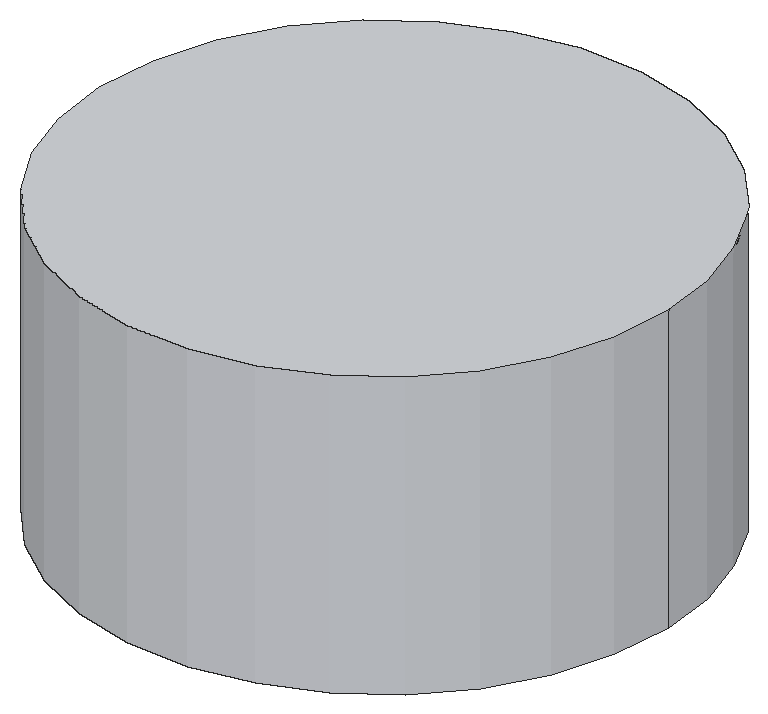
Revit family "10991600", category Specialty Equipment, Revit 2023
Family settings
  Round Connector Dimension = Use Diameter
  Part Type = Normal
  OmniClass Number = 23.40.40.14
  OmniClass Title = Food Service Equipment
  Work Plane-Based = No
  Enable Cutting in Views = Yes
  Always vertical = Yes
  Cut with Voids When Loaded = No
  Maintain Annotation Orientation = No
  Shared = No
  Room Calculation Point = No
Parameters (values of type "Standard")
  URL = "https://www.rustfriebergh.no/produkter/displaymonter-rbdm/displaymonter-rbdm"
  Model = "10991600"
  Manufacturer = "Rustfrie Bergh AS"
  Description = "Displaymonter RBDM-1600-2PLAN"
  Default Elevation = 0 mm
Reference planes
  plane 1 "Center (Front/Back)": y = 0
  plane 2: z = 0
  plane 3 "Center (Left/Right)": x = 0
Forms (mm)
  Extrusion 1, solid
    sketch origin (-590, -240, 51.5) x (0, 1, 0) y (1, 0, 0)
      loop
        circle (0, 0) r 3.048
    from 0 to -3.048
Dimensions and locks
  aligned and locked: level to plane 2
Connectors
  electrical at (-590, -240, 51.5)
    settings: on Extrusion 1, index 1, voltage 230 V, apparent load 750 VA, apparent load phase1 0 VA, apparent load phase2 0 VA, apparent load phase3 0 VA, power factor 0, load classification "Other", number of poles 1, system type 30, power factor state 1, is connector primary yes, connector utility no, sub classification motor no, connector description "Strømart 230V 50/60HZ 3,26 A"
